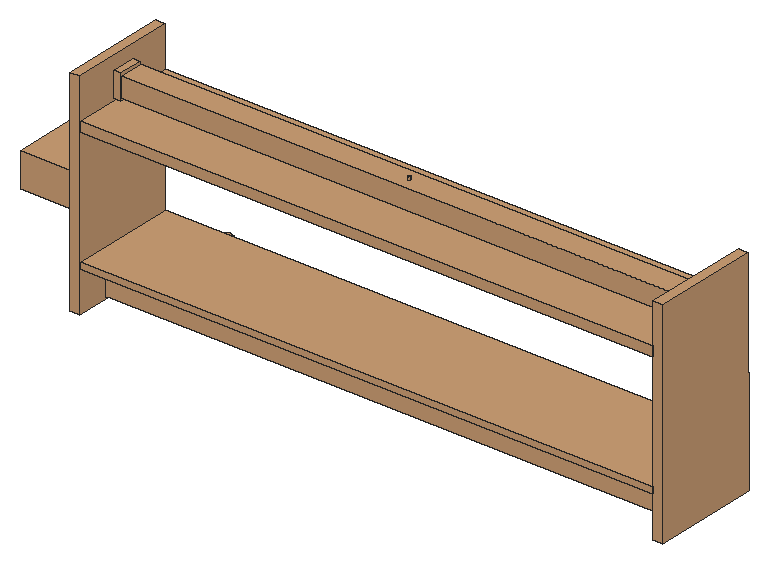
Revit family
Parameters
  Center of Unit = 0' - 0"  # constant formula
  Total Heating Capacity [instance] = 0.0 Btu/h
  Series = "VIFB"
  Outlet Area = 19.70 SF
  Lower Frame Thickness = if(Headers Height = 0' 3", 0' 1 1/4", if(Headers Height = 0' 3 1/4", 0' 1 1/4", 0' 0"))  # 0' - 1 1/4"
  Water Pressure Drop [instance] = 0.00 psi
  Water Flow [instance] = 0 GPM
  Unit Weight (lbs) = 1057
  URL = "http://www.ljwing.com/"
  Water Outlet Radius = 0' - 1 1/2"
  Headers Height = if(M = 0' 1", 0' 3", if(M = 0' 1 1/2", 0' 3 1/4", 0' 0"))  # 0' - 3 1/4"
  Number of Rows = 2  # constant formula
  Number of Coils [instance] = 0
  Nominal Length = 10' - 1 29/32"
  N = 1' - 0 3/4"
  Model = "VA-11W"
  Manufacturer = "LJ Wing"
  M = 0' - 1 1/2"
  Leaving Water Temperature [instance] = 0 °F
  Leaving Air Temperature [instance] = 0 °F
  Entering Water Temperature [instance] = 0 °F
  Entering Air Temperature [instance] = 0 °F
  Description = "Vertical Integral Face & Bypass Water Heating Coils"
  Hot Water Inlet  Radius = 0' - 1 1/2"
  Coil Face Area = Outlet Area * 0.56  # 11.032 SF
  Casing Material = ""
  Assembly Code = "D3020300"
  Air Vent Radius = 0' - 0 1/4"
  Air Pressure Drop [instance] = 0.00 in-wg
  Air Inlet Width = Nominal Length - 0' 4"  # 9' - 9 29/32"
  Air Inlet Height = Y  # 2' - 0"
  Air Flow [instance] = 0 CFM
  Y = 2' - 0"
  S = 0' - 9 3/4"  # constant formula
  Product URL = "http://www.ljwing.com/html/vifb.asp"
  OmniClass = "23-75 70 21 14 "
  Nominal Height = 3' - 8"
  Nominal Depth = 1' - 10"
  R = 0' - 10 1/4"  # constant formula
  Q = 0' - 3 61/64"
Reference planes (in)
  plane 1 "Center (Front/Back)": y = 0
  plane 2: z = -12
  plane 3 "Center (Left/Right)": x = 0
  plane 4: z = 22.25
  plane 5: x = -60.95312
  plane 6: x = 60.95313
  plane 7: z = -21.75
  plane 8: z = 0
  plane 9: y = -11
  plane 10: y = 11
  plane 11: z = 12
  plane 12: z = 14
  plane 13: z = -13.25
  plane 14: x = 58.95313
  plane 15: x = -58.95313
  plane 16: x = -57
  plane 17: x = 57
  plane 18: y = 14.0625
  plane 19: x = -71.95313
  plane 20: z = 19.125
  plane 21: z = 15.125
  plane 22: y = -2.5
  plane 23: y = 2.5
  plane 24: y = -4.5
  plane 25: z = -19.375
  plane 26: x = -48.20312
  plane 27: x = 48.20313
  plane 28: z = -15.375
Forms (in)
  Extrusion 1, solid, material "Painted Finish"
    sketch origin (0, 6, -9.75) x (1, 0, 0) y (0, 0, 1)
      loop
        line (-60.95312, -12) -> (-58.95313, -12) -> (-58.95313, 32) -> (-60.95312, 32) -> (-60.95312, -12)
      loop
        line (60.95313, -12) -> (60.95313, 32) -> (58.95313, 32) -> (58.95313, -12) -> (60.95313, -12)
    from -5 to 17
  Extrusion 2, solid, material "Painted Finish"
    sketch origin (0, 6, 0) x (1, 0, 0) y (0, 0, 1)
      loop
        line (58.95313, -12) -> (-58.95313, -12) -> (-58.95313, -13.25) -> (58.95313, -13.25) -> (58.95313, -12)
      loop
        line (58.95313, 12) -> (58.95313, 14) -> (-58.95313, 14) -> (-58.95313, 12) -> (58.95313, 12)
    from -5 to 17
  Extrusion 3, solid, material "Painted Finish"
    sketch origin (0, 10, -0.5) x (1, 0, 0) y (0, 0, 1)
      loop
        line (-60.95312, 4) -> (-71.95313, 4) -> (-71.95313, -3) -> (-60.95312, -3) -> (-60.95312, 4)
    from 0 to 20
  Extrusion 4, solid, material "Painted Finish"
    sketch origin (0, 6, 0) x (1, 0, 0) y (0, 0, 1)
      loop
        line (-57.32813, 19.125) -> (-57.32813, 15.125) -> (57.32813, 15.125) -> (57.32813, 19.125) -> (-57.32813, 19.125)
    from 3.5 to 8.5
  Extrusion 5, solid, material "Painted Finish"
    sketch origin (0, 0, 0) x (1, 0, 0) y (0, 0, 1)
      loop
        line (-57.32813, 14.625) -> (-57.32813, 19.625) -> (-58.95313, 19.625) -> (-58.95313, 14.625) -> (-57.32813, 14.625)
      loop
        line (58.95313, 14.625) -> (58.95313, 19.625) -> (57.32813, 19.625) -> (57.32813, 14.625) -> (58.95313, 14.625)
    from -2.5 to 2.5
  Extrusion 6, solid, material "Painted Finish"
    sketch origin (0, 6, 0) x (1, 0, 0) y (0, 0, 1)
      loop
        line (-58.45312, -13.75) -> (-58.45312, -13.5) -> (-58.95313, -13.5) -> (-58.95313, -17.25) -> (-58.45312, -17.25) -> (-58.45312, -17) -> (58.45313, -17) -> (58.45313, -17.25) -> (58.95313, -17.25) -> (58.95313, -13.5) -> (58.45313, -13.5) -> (58.45313, -13.75) -> (-58.45312, -13.75)
      loop
        line (58.45313, -21) -> (58.45313, -21.125) -> (58.95313, -21.125) -> (58.95313, -17.5) -> (58.45313, -17.5) -> (58.45313, -17.75) -> (-58.45312, -17.75) -> (-58.45312, -17.5) -> (-58.95313, -17.5) -> (-58.95313, -21.25) -> (-58.45313, -21.25) -> (-58.45313, -21) -> (58.45313, -21)
    from -5 to 10.5
  Extrusion 7, void
    sketch origin (0, 0, 0) x (1, 0, 0) y (0, 0, 1)
      loop
        line (-58.95313, 12) -> (-58.95313, -12) -> (58.95313, -12) -> (58.95313, 12) -> (-58.95313, 12)
    from -11 to 11
  Extrusion 8, solid, material "Painted Finish"
    sketch origin (0, 0, 0) x (1, 0, 0) y (0, 0, 1)
      loop
        circle (48.20313, -19.375) r 1.5
      loop
        circle (-48.20312, -15.375) r 1.5
    from -14.0625 to -11
  Extrusion 9, solid, material "Painted Finish"
    sketch origin (0, 0, 0) x (1, 0, 0) y (0, 1, 0)
      loop
        circle (0, 0) r 0.25
    from 19.125 to 19.625
Cuts and joins
  Extrusion 7 cuts Extrusion 1
  Extrusion 7 cuts Extrusion 2
Dimensions and locks (in)
  "Nominal Length": plane 6 to plane 5
  equal spacing: plane 6, plane 3 "Center (Left/Right)", plane 5
  "S": plane 2 to plane 7
  "Nominal Depth": plane 10 to plane 9
  equal spacing: plane 10, plane 1 "Center (Front/Back)", plane 9
  "Y": plane 11 to plane 2
  "R": plane 4 to plane 11
  locked: plane 12 to plane 11 at 2
  "Lower Frame Thickness": plane 2 to plane 13
  "Q": plane 16 to plane 5
  "Q": plane 6 to plane 17
  locked: plane 18 to plane 10 at 3.0625
  locked: plane 5 to plane 19 at 11
  locked: Extrusion 3 sketch curve to Extrusion 3 sketch curve at 7
  locked: Extrusion 3 to Extrusion 3 at 20
  locked: plane 6 to plane 14 at 2
  locked: plane 15 to plane 5 at 2
  locked: Extrusion 5 sketch curve to plane 20 at 0.5
  locked: plane 21 to Extrusion 5 sketch curve at 0.5
  locked: plane 20 to plane 21 at 4
  locked: plane 23 to plane 22 at 5
  equal spacing: plane 23, plane 1 "Center (Front/Back)", plane 22
  locked: plane 22 to plane 24 at 2
  plane 4 to plane 7 = 3' - 8"
  locked: Extrusion 5 sketch curve to Extrusion 1 at 1.625
  locked: Extrusion 5 sketch curve to Extrusion 5 sketch curve at 1.625
  locked: Extrusion 7 sketch curve to plane 11 at 0
  locked: Extrusion 7 sketch curve to plane 15 at 0
  locked: Extrusion 7 sketch curve to plane 14 at 0
  locked: plane 15 to Extrusion 6 sketch curve at 0.5
  locked: Extrusion 6 sketch curve to Extrusion 6 sketch curve at 0.25  (x2)
  locked: plane 25 to plane 7 at 2.375
  "N": plane 26 to plane 5
  "N": plane 6 to plane 27
  locked: plane 28 to plane 7 at 6.375
  "Headers Height": Extrusion 6 sketch curve to Extrusion 6 sketch curve  (x2)
  locked: Extrusion 8 sketch curve to plane 25 at 0
  locked: Extrusion 8 sketch curve to plane 28 at 0
  locked: Extrusion 9 sketch curve to plane 1 "Center (Front/Back)" at 0
  locked: Extrusion 9 sketch curve to plane 3 "Center (Left/Right)" at 0
  equal spacing: Extrusion 6 sketch curve, plane 28, Extrusion 6 sketch curve
  equal spacing: Extrusion 6 sketch curve, plane 25, Extrusion 6 sketch curve
  locked: plane 4 to plane 20 at 3.125
  locked: Extrusion 7 sketch curve to plane 2 at 0
  equal spacing: plane 11, plane 8, plane 2
  locked: Extrusion 8 sketch curve to plane 27 at 0
  locked: Extrusion 8 sketch curve to plane 26 at 0
  "M": radius of Extrusion 8 sketch curve  (x2)
  "Air Vent Radius": radius of Extrusion 9 sketch curve
  aligned and locked: plane 9 to Extrusion 1
  aligned and locked: Extrusion 1 to plane 10
  aligned and locked: plane 15 to Extrusion 1
  aligned and locked: Extrusion 1 to plane 14
  aligned and locked: plane 9 to Extrusion 2
  aligned and locked: Extrusion 1 to plane 9
  aligned and locked: plane 10 to Extrusion 1  (x2)
  aligned and locked: Extrusion 2 to plane 10
  aligned and locked: plane 10 to Extrusion 2  (x2)
  aligned and locked: Extrusion 2 to plane 9  (x2)
  aligned and locked: plane 5 to Extrusion 3
  aligned and locked: Extrusion 5 sketch curve to plane 15
  aligned and locked: Extrusion 5 sketch curve to Extrusion 4
  aligned and locked: Extrusion 1 to Extrusion 6
  aligned and locked: plane 22 to Extrusion 5
  aligned and locked: Extrusion 5 to Extrusion 4  (x2)
  aligned and locked: Extrusion 5 to plane 23
  aligned and locked: plane 24 to Extrusion 6
  aligned and locked: Extrusion 4 to Extrusion 5  (x2)
  aligned and locked: Extrusion 5 to Extrusion 1  (x2)
  aligned and locked: Extrusion 1 to Extrusion 7  (x2)
  aligned and locked: Extrusion 8 to plane 18
  aligned and locked: plane 10 to Extrusion 8
  aligned and locked: plane 20 to Extrusion 9
  aligned and locked: Extrusion 9 to Extrusion 5
  aligned and locked: plane 2 to cut or joined group of Extrusion 2, Extrusion 7
  aligned and locked: plane 6 to Extrusion 1 sketch curve
  aligned and locked: plane 14 to Extrusion 1 sketch curve
  aligned and locked: Extrusion 1 sketch curve to plane 15
  aligned and locked: Extrusion 1 sketch curve to plane 5
  aligned and locked: Extrusion 1 sketch curve to plane 4  (x2)
  aligned and locked: plane 7 to Extrusion 1 sketch curve
  aligned and locked: Extrusion 1 sketch curve to plane 7
  aligned and locked: Extrusion 2 sketch curve to plane 11
  aligned and locked: Extrusion 2 sketch curve to plane 12
  aligned and locked: plane 2 to Extrusion 2 sketch curve
  aligned and locked: Extrusion 2 sketch curve to plane 13
  aligned and locked: Extrusion 2 sketch curve to plane 14  (x2)
  aligned and locked: Extrusion 2 sketch curve to plane 15  (x2)
  aligned and locked: plane 20 to Extrusion 4 sketch curve
  aligned and locked: Extrusion 4 sketch curve to plane 21
  aligned and locked: Extrusion 6 sketch curve to plane 14  (x2)
  aligned and locked: plane 15 to Extrusion 6 sketch curve  (x2)
Automatic sketch dimensions
  Extrusion 3 sketch curve to plane 19 = 0' - 0"
  Extrusion 3 sketch curve to plane 5 = 0' - 0"
  plane 8 to Extrusion 3 sketch curve = 0' - 3 1/2"
  Extrusion 4 sketch curve to plane 16 = 0' - 0 21/64"
  plane 17 to Extrusion 4 sketch curve = 0' - 0 21/64"
  plane 21 to Extrusion 5 sketch curve = 0' - 0 1/2"
  Extrusion 5 sketch curve to plane 20 = 0' - 0 1/2"
  plane 15 to Extrusion 6 sketch curve = 0' - 0 1/2"  (x2)
  Extrusion 6 sketch curve to Extrusion 6 sketch curve = 0' - 0 1/4"  (x5)
  Extrusion 6 sketch curve to Extrusion 6 sketch curve = 0' - 0"  (x2)
  Extrusion 6 sketch curve to plane 14 = 0' - 0 1/2"  (x2)
  Extrusion 6 sketch curve to Extrusion 6 sketch curve = 0' - 0 1/2"
  Extrusion 6 sketch curve to plane 7 = 0' - 0 5/8"
Connectors (in)
  hvac at (0, -11, 0), driven by "Air Inlet Height", driven by "Air Inlet Width", driven by "Air Flow", driven by "Air Pressure Drop"
    settings: on Extrusion 7, index 1
  hvac at (0, 11, 0), driven by "Air Pressure Drop", driven by "Air Inlet Height", driven by "Air Inlet Width", driven by "Air Flow"
    settings: on Extrusion 7, index 2
  piping at (-48.20312, 14.0625, -15.375), driven by "M", driven by "Water Flow", driven by "Water Pressure Drop"
    settings: on Extrusion 8, index 4
  piping at (48.20313, 14.0625, -19.375), driven by "Water Pressure Drop", driven by "Water Flow", driven by "M"
    settings: on Extrusion 8, index 5
